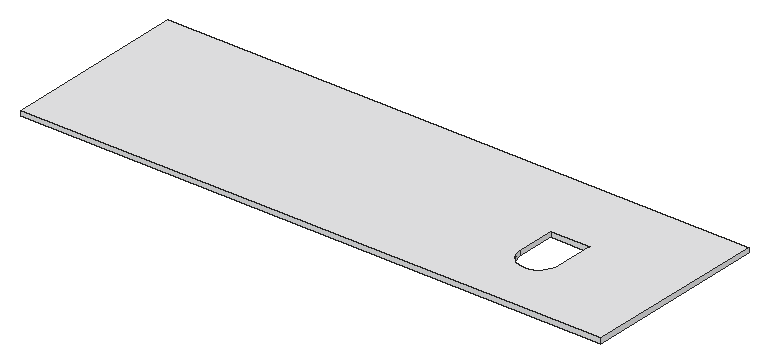
Revit family "Countertop-150cm-WithoutFaucetHole-Right-Vitra-OriginSeries-65763+65746+65747", category Furniture Systems, host Face, Revit 2017
Family settings
  Host = Face
  Round Connector Dimension = Use Diameter
  Part Type = Normal
  OmniClass Number = 23.40.00.00
  OmniClass Title = Equipment and Furnishings
  Cut with Voids When Loaded = No
  Shared = Yes
  Room Calculation Point = No
Parameters (values of type "Countertop-150cm-WithRightSyphonHole-Vitra-OriginSeries-65763")
  Youtube = "https://www.youtube.com/user/VitrAglobal"
  Weight Net (kg) = ""
  Warranty Period (Year) = "2"
  Uniformat II Description = "INTERIOR FINISHES"
  Uniformat II Code = "C30"
  Uniclass 2015 Name = "Counter tops"
  Uniclass 2015 Code = "Pr_40_30_30_18"
  Uniclass 2.0 Description = "Counter Tops"
  Uniclass 2.0 Code = "PR-35-12-18"
  Uniclass 1.4 Description = "Counters"
  Uniclass 1.4 Code = "L8571"
  URL = "https://vitraglobal.com/"
  UNSPSC Description = ""
  UNSPSC Code = ""
  Technical description = "https://www.vitraglobal.com/pdf/65763/"
  Tap hole Options (default) = ""
  Specification = ""
  Region South America = "All"
  Region Oceania = "All"
  Region North America = "All"
  Region Middle East = "All"
  Region Europe = "All"
  Region Asia = "All"
  Region Antarctica = "All"
  Region Africa = "All"
  Product url = "https://www.vitraglobal.com/bathroom-furniture/counters/standard-workbenches/origin-top-counter-sku-65763/"
  Product manual = ""
  Product group = "Counters - Standard Workbenches - Top Counter"
  Product family = "Origin"
  Product data url = ""
  Product certification = "https://www.vitraglobal.com/brochures/"
  Product SKU = "65763"
  Product Guid = "https://www.vitraglobal.com/uyeIslem/fileDownload.aspx?udkEnc=cHsUm+4TqB+zpS09rCf2/RFhC3B09ThlLE+UQLIvo/9XatGkg41M6EiBPnfGJxLZTG25bAY2H6mjKZAqE2+4rg==&lang=en-US"
  Primary Material = White Glass
  OmniClass Description = "Casework Component Work Surfaces"
  OmniClass Code = "23-21 19 17"
  Nominal Width (mm) = 1505 mm
  Nominal Height (mm) = 12 mm
  Nominal Depth (mm) = 480 mm
  NBS Referans Description = "Counter Tops"
  NBS Referans Code = "35-12-18"
  Mounting type = "Top Counter"
  Model = "65763"
  Masterformat 2014 Description = "Countertops"
  Masterformat 2014 Code = "12 36 00"
  Manufacturer name = "VitrA"
  Manufacturer = "VitrA"
  Main Material = "Glass"
  Installation instructions = "https://www.vitraglobal.com/uyeIslem/fileDownload.aspx?udkEnc=l/p0mnqfBHR4+lSEDh/LUpPDpZzDaNDKiJ+zFNI1Zz5pjz8Tm67j3wWH/cZjark74GYvu4ya0g3rh5hSmoug5g==&lang=en-US"
  IFC Classification = "Furnishing Element"
  EAN code = ""
  Design country = "Turkey"
  Description = "Origin Top counter - with right syphon hole - without faucet hole - 150cm - White"
  Default Elevation = 850 mm
  Color = "White"
  COBIe Type Category = ""
  Brand = "VitrA"
  BIMobject category = "Countertops"
  Article No. (default) = "65763"
  Accessories (default) = ""
Types (3, lengths in mm): name | Technical description | Product url | Product group | Product SKU | Product Guid | Primary Material | Model | Installation instructions | Description | Color | Article No. (default)
  Countertop-150cm-WithRightSyphonHole-Vitra-OriginSeries-65763 | "https://www.vitraglobal.com/pdf/65763/" | "https://www.vitraglobal.com/bathroom-furniture/counters/standard-workbenches/origin-top-counter-sku-65763/" | "Counters - Standard Workbenches - Top Counter" | "65763" | "https://www.vitraglobal.com/uyeIslem/fileDownload.aspx?udkEnc=cHsUm+4TqB+zpS09rCf2/RFhC3B09ThlLE+UQLIvo/9XatGkg41M6EiBPnfGJxLZTG25bAY2H6mjKZAqE2+4rg==&lang=en-US" | White Glass | "65763" | "https://www.vitraglobal.com/uyeIslem/fileDownload.aspx?udkEnc=l/p0mnqfBHR4+lSEDh/LUpPDpZzDaNDKiJ+zFNI1Zz5pjz8Tm67j3wWH/cZjark74GYvu4ya0g3rh5hSmoug5g==&lang=en-US" | "Origin Top counter - with right syphon hole - without faucet hole - 150cm - White" | "White" | "65763"
  Countertop-150cm-WithRightSyphonHole-Vitra-OriginSeries-65746 | "https://www.vitraglobal.com/pdf/65746/" | "https://www.vitraglobal.com/bathroom-furniture/counters/standard-workbenches/origin-top-counter-sku-65746/" | "Counters - Standard Workbenches - Top Counter\r\n>" | "65746" | "https://www.vitraglobal.com/uyeIslem/fileDownload.aspx?udkEnc=0do2r9sRyaBCdva/vKpZxQ5LUH8rDw+y2zIWXjJZA/kcYND7DMEPFme89svLXZhQAyVop1khYB0kp7C4cCMN4Q==&lang=en-US" | Black Glass | "65746" | "https://www.vitraglobal.com/uyeIslem/fileDownload.aspx?udkEnc=P3ab4FMqezou32ivxMoPwe9z1g3zpeOL3iFOZ/ZewddzrqGFxeiKxAVyWnyDx7SsuUMFHSX91vZxg1jjAoUJYA==&lang=en-US" | "Origin Top counter - with Right syphon hole - without faucet hole 150cm - Black" | "Black" | "65746"
  Countertop-150cm-WithRightSyphonHole-Vitra-OriginSeries-65747 | "https://www.vitraglobal.com/pdf/65747/" | "https://www.vitraglobal.com/bathroom-furniture/counters/standard-workbenches/origin-top-counter-sku-65747/" | "Counters - Standard Workbenches - Top Counter\r\n>" | "65747" | "https://www.vitraglobal.com/uyeIslem/fileDownload.aspx?udkEnc=GAGrEFF0l+gD2tgWIWi5OHqNGIHC3yG4+uCot7w7wSksLHbeuY0KW5tmRYwBERgcfOxFvr7nKFpwr4QYvv+npw==&lang=en-US" | Neolith | "65747" | "https://www.vitraglobal.com/uyeIslem/fileDownload.aspx?udkEnc=BOaNDugGARaBKVuV/c+54rPJM4Up9H3kX5yb4phI+R5EjD6elWnc5YcuJaENCwSbSf5Y3ryjBIX1ieZpvTvjsg==&lang=en-US" | "Origin Top counter - with right syphon hole - without faucet hole - 150cm - Neolith" | "Neolith" | "65747"
Reference planes
  plane 1 "Center (Front/Back)": y = 0
  plane 2: z = 0
  plane 3 "Center (Left/Right)": x = -8.77
  plane 4: y = 240
  plane 5: y = -240
  plane 6: z = -838
  plane 7: z = 12
  plane 8: x = -761.27
  plane 9: x = 743.73
Forms (mm)
  Extrusion 1, solid, detail levels coarse
    sketch origin (0, 0, 0) x (1, 0, 0) y (0, 1, 0)
      loop
        line (743.73, 240) -> (-761.27, 240) -> (-761.27, -240) -> (743.73, -240) -> (743.73, 240)
    from 0 to 12
  Extrusion 2, solid, material "White Glass" <- "Primary Material", detail levels medium+fine
    sketch origin (0, 0, 0) x (1, 0, 0) y (0, 1, 0)
      loop
        line (743.73, 240) -> (-761.27, 240) -> (-761.27, -240) -> (743.73, -240) -> (743.73, 240)
      loop
        line (491.23, 40) -> (391.23, 40) -> (391.23, -60)
        arc (391.23, -60) -> (441.23, -110) -> (491.23, -60) r 50
        line (491.23, -60) -> (491.23, 40)
    from 0 to 12
Dimensions and locks
  "Nominal Depth (mm)": plane 4 to plane 5
  plane 7 to plane 6 = 850 mm
  "Nominal Height (mm)": plane 7 to host face
  "Nominal Width (mm)": plane 8 to plane 9
  aligned and locked: plane 2 to host face
  aligned and locked: level to host face
Automatic sketch dimensions
  host sketch curve to host sketch curve = 2438.4 mm  (x2)
  Extrusion 1 sketch curve to plane 5 = 0 mm
  Extrusion 1 sketch curve to plane 4 = 0 mm
  Extrusion 1 sketch curve to plane 3 "Center (Left/Right)" = 752.5 mm
  plane 3 "Center (Left/Right)" to Extrusion 1 sketch curve = 752.5 mm
  Extrusion 2 sketch curve to plane 4 = 0 mm
  Extrusion 2 sketch curve to plane 8 = 0 mm
  Extrusion 2 sketch curve to plane 9 = 0 mm
  Extrusion 2 sketch curve to plane 5 = 0 mm
  Extrusion 2 sketch curve to plane 1 "Center (Front/Back)" = 40 mm
  plane 9 to Extrusion 2 sketch curve = 352.5 mm
  Extrusion 2 sketch curve to Extrusion 2 sketch curve = 50 mm
  plane 1 "Center (Front/Back)" to Extrusion 2 sketch curve = 60 mm
